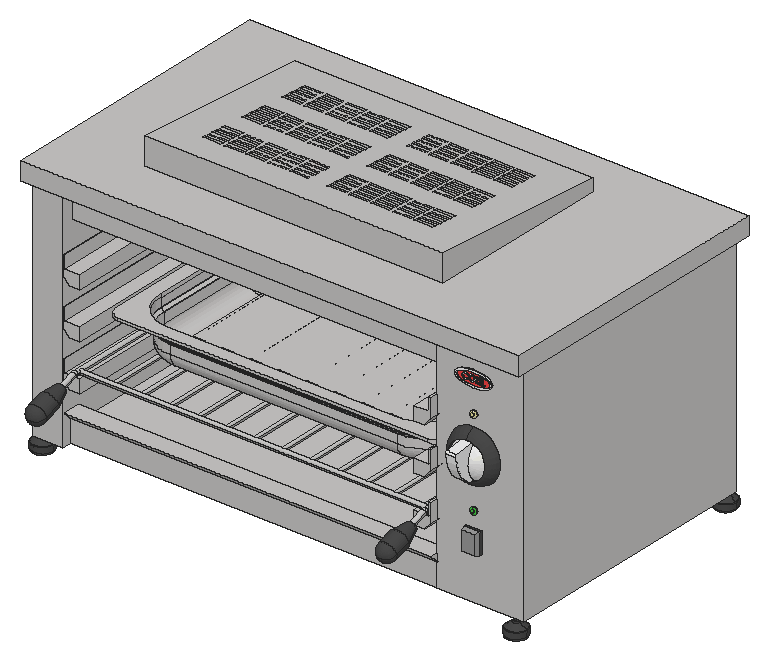
Revit family "QF_COZIL_SLEC-80", category Equipamento especial, Revit 2020 (continued)
Nested families
  nested 6: "PE DE APOIO" at (20, -20, 0), type "PE DE APOIO"
    with Weight 0.00 kg, Watts 0 W, Waste Water Discharge Temperature -273.15 °C, Waste Remarks "", Warranty Start Date "", Warranty Duration "", Volts 0 V, Volt Free Conn yes, Ventilation Remarks "", URL Recommended Spares List "", URL Manufacturer "", URL Cutsheet "", URL Critical Spares List "", Technical Documentation "", Tag Number "", Steam type "", Steam Supply Volume 0.0 m³/h, Steam Supply Size 0 mm, Steam Supply RI Height 0 mm, Steam Supply Minimum Pressure 0.0 Pa, Steam Supply Maximum Pressure 0.0 Pa, Steam Supply Connection Height 0 mm, Steam Remarks "", Steam Pounds per Hour 0, Status "", Start Up Current 0 A, Specification by User "", Specification by Manufacturer "", Sound Level "", Solid Fuel Type "", Show Logo yes, Show Clearances yes, Service Life Duration "", Serial Number "", Sensible Heat Output 0 Btu/h, Seismic Rating "", SMACNA No "", Revision Code "", Revision "", Refrigeration Working Pressure 0.0 Pa, Refrigeration Suction Line Size 0 mm, Refrigeration Liquid Line Size 0 mm, Refrigeration Evaporation Temperature -273.15 °C, Refrigeration Energy Efficiency Index "", Refrigeration Defrost Drain yes, Refrigeration Climate Class "", Refrigerant Type "", Refrigerant Mass 0, Refrigerant Flow 0.0 m³/h, Refrigerant Compressor Remote yes, Production Year "", Preheated Hot Water Temperature Recommended -273.15 °C, Preheated Hot Water Size 0 mm, Preheated Hot Water RI Height 0 mm, Preheated Hot Water Quality "", Preheated Hot Water Minimum Pressure 0.0 Pa, Preheated Hot Water Maximum Pressure 0.0 Pa, Preheated Hot Water Flow 0.0 m³/h, Preheated Hot Water Connection Height 0 mm, Potential Equalisation yes, Point Load 0, Plumbing Remarks "", Plumbing Connection Type "", Phase 0, Other Equipment Approvals "", Operational Current 0 A, Odor Trap Included yes, Number of Poles 1, No Load Power Draw yes, National Water Regulation Certification yes, NAFEM Spec ID Number "", Model Warning "", Min Ckt Ampacity 0 A, Mechanical Remarks "", Mechanical Connection Type "", Max Overcurrent Protection 0 A, Masterspec "", Main switch integrated yes, MU Air Volume 0.0 L/s, MU Air Vent Width 0 mm, MU Air Vent Diameter 0 mm, MU Air Vent Depth 0 mm, MU Air Static Press 0.0 Pa, MU Air Speed at Spigot 0.0 L/s, MU Air RI Height 0 mm, Length Actual 0 mm, Latent Heat Output 0 Btu/h, Item Number "", Installed By "", Installation Date "", Ingress Protection Code "", Indirect Waste Size 0 mm, Indirect Waste Flow 0.0 m³/h, Indirect Waste Connection Type "", Indirect Waste Connection Height 0 mm, Identify Quantity as Lot yes, ID "", Hygiene Approval "", Hot Water Temperature -273.15 °C, Hot Water Supply Temperature -273.15 °C, Hot Water Size 0 mm, Hot Water RI Height 0 mm, Hot Water Quality "", Hot Water Minimum Pressure 0.0 Pa, Hot Water Maximum Pressure 0.0 Pa, Hot Water Flow 0.0 m³/h, Hot Water Consumption "", Hot Water Connection Height 0 mm, Height Actual 0 mm, HP "", Gas Size Flexible 0 mm, Gas Size Fixed 0 mm, Gas Size 0 mm, Gas RI Height 0 mm, Gas Input 0 Btu/h, Gas Flow 0.0 m³/h, Gas Connection Height 0 mm, Furnished By "", Fuel Type "", Foodservice Equipment Identifier yes, Flue Type "", Filtered Treated Water Supply Size 0 mm, Filtered Treated Water Recommended Temperature -273.15 °C, Filtered Treated Water RI Height 0 mm, Filtered Treated Water Quality "", Filtered Treated Water Minimum Pressure 0.0 Pa, Filtered Treated Water Maximum Pressure 0.0 Pa, Filtered Treated Water Flow 0.0 m³/h, Filtered Treated Water Consumption "", Filtered Treated Water Connection Height 0 mm, FL Amps 0 A, Exhaust Volume 0.0 L/s, Exhaust Vent Width 0 mm, Exhaust Vent Height 0 mm, Exhaust Vent Diameter 0 mm, Exhaust Vent Depth 0 mm, Exhaust Static Press 0.0 Pa, Exhaust Speed at Spigot 0.0 L/s, Exhaust RI Height 0 mm, Exhaust Air Temperature -273.15 °C, Exhaust Air Humidity 0, Energy Efficiency Labelling "", Electrical Remarks "", Electric Connection Type "", Elec Conn RI Height 0 mm, Elec Conn Connection Height 0 mm, Earth Leakage Switch necessary yes, Earth Leakage Switch Type "", ETL Approved yes, Direct Waste Size 0 mm, Direct Waste RI Height 0 mm, Direct Waste Flow 0.0 m³/h, Direct Waste Connection Height 0 mm, Direct Heat Output 0 Btu/h, Digital Connectivity Description "", Depth Actual 0 mm, Cycle 0 Hz, Connection to energy optimisation system yes, Conn Plug "", Conn Conduit yes, Condensate Return Size 0 mm, Condensate Return RI Height 0 mm, Condensate Return Connection Height 0 mm, Compressed Air Volume 0.0 m³/h, Compressed Air Size 0 mm, Compressed Air RI Height 0 mm, Compressed Air Quality "", Compressed Air Pressure 0.0 Pa, Compressed Air Connection Height 0 mm, Cold Water Temperature Recommended -273.15 °C, Cold Water Size 0 mm, Cold Water RI Height 0 mm, Cold Water Quality "", Cold Water Minimum Pressure 0.0 Pa, Cold Water Maximum Pressure 0.0 Pa, Cold Water Flow 0.0 m³/h, Cold Water Consumption "", Cold Water Connection Height 0 mm, Chilled Water Temperature -273.15 °C, Chilled Water Supply Size 0 mm, Chilled Water Supply RI Height 0 mm, Chilled Water Supply Quality "", Chilled Water Supply Maximum Temperature -273.15 °C, Chilled Water Supply Connection Height 0 mm, Chilled Water Return Size 0 mm, Chilled Water Return RI Height 0 mm, Chilled Water Return Minimum Pressure 0.0 Pa, Chilled Water Return Maximum Pressure 0.0 Pa, Chilled Water Return Connection Height 0 mm, Chilled Water Minimum Pressure 0.0 Pa, Chilled Water Maximum Pressure 0.0 Pa, Chilled Water Flow 0.0 m³/h, CSI MasterFormat "", CO2 Volume 0.0 m³/h, CO2 Size 0 mm, CO2 RI Height 0 mm, CO2 Pressure 0.0 Pa, CO2 Connection Height 0 mm, CE Approved yes, Barcode "", BTUH 0 Btu/h, Author "", Asset Identifier "", Apparent Power 0 VA, Accessory yes, Ability for Digital Connectivity yes
  nested 7: "PE DE APOIO" at (20, -440, 0), type "PE DE APOIO"
    with Weight 0.00 kg, Watts 0 W, Waste Water Discharge Temperature -273.15 °C, Waste Remarks "", Warranty Start Date "", Warranty Duration "", Volts 0 V, Volt Free Conn yes, Ventilation Remarks "", URL Recommended Spares List "", URL Manufacturer "", URL Cutsheet "", URL Critical Spares List "", Technical Documentation "", Tag Number "", Steam type "", Steam Supply Volume 0.0 m³/h, Steam Supply Size 0 mm, Steam Supply RI Height 0 mm, Steam Supply Minimum Pressure 0.0 Pa, Steam Supply Maximum Pressure 0.0 Pa, Steam Supply Connection Height 0 mm, Steam Remarks "", Steam Pounds per Hour 0, Status "", Start Up Current 0 A, Specification by User "", Specification by Manufacturer "", Sound Level "", Solid Fuel Type "", Show Logo yes, Show Clearances yes, Service Life Duration "", Serial Number "", Sensible Heat Output 0 Btu/h, Seismic Rating "", SMACNA No "", Revision Code "", Revision "", Refrigeration Working Pressure 0.0 Pa, Refrigeration Suction Line Size 0 mm, Refrigeration Liquid Line Size 0 mm, Refrigeration Evaporation Temperature -273.15 °C, Refrigeration Energy Efficiency Index "", Refrigeration Defrost Drain yes, Refrigeration Climate Class "", Refrigerant Type "", Refrigerant Mass 0, Refrigerant Flow 0.0 m³/h, Refrigerant Compressor Remote yes, Production Year "", Preheated Hot Water Temperature Recommended -273.15 °C, Preheated Hot Water Size 0 mm, Preheated Hot Water RI Height 0 mm, Preheated Hot Water Quality "", Preheated Hot Water Minimum Pressure 0.0 Pa, Preheated Hot Water Maximum Pressure 0.0 Pa, Preheated Hot Water Flow 0.0 m³/h, Preheated Hot Water Connection Height 0 mm, Potential Equalisation yes, Point Load 0, Plumbing Remarks "", Plumbing Connection Type "", Phase 0, Other Equipment Approvals "", Operational Current 0 A, Odor Trap Included yes, Number of Poles 1, No Load Power Draw yes, National Water Regulation Certification yes, NAFEM Spec ID Number "", Model Warning "", Min Ckt Ampacity 0 A, Mechanical Remarks "", Mechanical Connection Type "", Max Overcurrent Protection 0 A, Masterspec "", Main switch integrated yes, MU Air Volume 0.0 L/s, MU Air Vent Width 0 mm, MU Air Vent Diameter 0 mm, MU Air Vent Depth 0 mm, MU Air Static Press 0.0 Pa, MU Air Speed at Spigot 0.0 L/s, MU Air RI Height 0 mm, Length Actual 0 mm, Latent Heat Output 0 Btu/h, Item Number "", Installed By "", Installation Date "", Ingress Protection Code "", Indirect Waste Size 0 mm, Indirect Waste Flow 0.0 m³/h, Indirect Waste Connection Type "", Indirect Waste Connection Height 0 mm, Identify Quantity as Lot yes, ID "", Hygiene Approval "", Hot Water Temperature -273.15 °C, Hot Water Supply Temperature -273.15 °C, Hot Water Size 0 mm, Hot Water RI Height 0 mm, Hot Water Quality "", Hot Water Minimum Pressure 0.0 Pa, Hot Water Maximum Pressure 0.0 Pa, Hot Water Flow 0.0 m³/h, Hot Water Consumption "", Hot Water Connection Height 0 mm, Height Actual 0 mm, HP "", Gas Size Flexible 0 mm, Gas Size Fixed 0 mm, Gas Size 0 mm, Gas RI Height 0 mm, Gas Input 0 Btu/h, Gas Flow 0.0 m³/h, Gas Connection Height 0 mm, Furnished By "", Fuel Type "", Foodservice Equipment Identifier yes, Flue Type "", Filtered Treated Water Supply Size 0 mm, Filtered Treated Water Recommended Temperature -273.15 °C, Filtered Treated Water RI Height 0 mm, Filtered Treated Water Quality "", Filtered Treated Water Minimum Pressure 0.0 Pa, Filtered Treated Water Maximum Pressure 0.0 Pa, Filtered Treated Water Flow 0.0 m³/h, Filtered Treated Water Consumption "", Filtered Treated Water Connection Height 0 mm, FL Amps 0 A, Exhaust Volume 0.0 L/s, Exhaust Vent Width 0 mm, Exhaust Vent Height 0 mm, Exhaust Vent Diameter 0 mm, Exhaust Vent Depth 0 mm, Exhaust Static Press 0.0 Pa, Exhaust Speed at Spigot 0.0 L/s, Exhaust RI Height 0 mm, Exhaust Air Temperature -273.15 °C, Exhaust Air Humidity 0, Energy Efficiency Labelling "", Electrical Remarks "", Electric Connection Type "", Elec Conn RI Height 0 mm, Elec Conn Connection Height 0 mm, Earth Leakage Switch necessary yes, Earth Leakage Switch Type "", ETL Approved yes, Direct Waste Size 0 mm, Direct Waste RI Height 0 mm, Direct Waste Flow 0.0 m³/h, Direct Waste Connection Height 0 mm, Direct Heat Output 0 Btu/h, Digital Connectivity Description "", Depth Actual 0 mm, Cycle 0 Hz, Connection to energy optimisation system yes, Conn Plug "", Conn Conduit yes, Condensate Return Size 0 mm, Condensate Return RI Height 0 mm, Condensate Return Connection Height 0 mm, Compressed Air Volume 0.0 m³/h, Compressed Air Size 0 mm, Compressed Air RI Height 0 mm, Compressed Air Quality "", Compressed Air Pressure 0.0 Pa, Compressed Air Connection Height 0 mm, Cold Water Temperature Recommended -273.15 °C, Cold Water Size 0 mm, Cold Water RI Height 0 mm, Cold Water Quality "", Cold Water Minimum Pressure 0.0 Pa, Cold Water Maximum Pressure 0.0 Pa, Cold Water Flow 0.0 m³/h, Cold Water Consumption "", Cold Water Connection Height 0 mm, Chilled Water Temperature -273.15 °C, Chilled Water Supply Size 0 mm, Chilled Water Supply RI Height 0 mm, Chilled Water Supply Quality "", Chilled Water Supply Maximum Temperature -273.15 °C, Chilled Water Supply Connection Height 0 mm, Chilled Water Return Size 0 mm, Chilled Water Return RI Height 0 mm, Chilled Water Return Minimum Pressure 0.0 Pa, Chilled Water Return Maximum Pressure 0.0 Pa, Chilled Water Return Connection Height 0 mm, Chilled Water Minimum Pressure 0.0 Pa, Chilled Water Maximum Pressure 0.0 Pa, Chilled Water Flow 0.0 m³/h, CSI MasterFormat "", CO2 Volume 0.0 m³/h, CO2 Size 0 mm, CO2 RI Height 0 mm, CO2 Pressure 0.0 Pa, CO2 Connection Height 0 mm, CE Approved yes, Barcode "", BTUH 0 Btu/h, Author "", Asset Identifier "", Apparent Power 0 VA, Accessory yes, Ability for Digital Connectivity yes
  nested 8: "Botão Salamandra" at (706, -449, 101) x (0, -1, 0) z (0, 0, 1), type "Botão Fritadeira Digital"
    with Weight 0.00 kg, Watts 0 W, Warranty Start Date "", Warranty Duration "", Volts 0 V, URL Recommended Spares List "", URL Manufacturer "", URL Cutsheet "", URL Critical Spares List "", Technical Documentation "", Tag Number "", Steam type "", Steam Supply Volume 0.0 m³/h, Steam Supply Size 0 mm, Steam Supply Minimum Pressure 0.0 Pa, Steam Supply Maximum Pressure 0.0 Pa, Steam Supply Connection Height 0 mm, Steam Pounds per Hour 0, Status "", Specification by User "", Specification by Manufacturer "", Sound Level "", Solid Fuel Type "", Show Logo yes, Show Clearances yes, Service Life Duration "", Serial Number "", Seismic Rating "", SMACNA No "", Revision Code "", Revision "", Refrigeration Working Pressure 0.0 Pa, Refrigeration Evaporation Temperature -273.15 °C, Refrigeration Energy Efficiency Index "", Refrigeration Defrost Drain yes, Refrigeration Climate Class "", Refrigerant Type "", Refrigerant Mass 0, Refrigerant Flow 0.0 m³/h, Production Year "", Point Load 0, Phase 0, Operational Current 0 A, NAFEM Spec ID Number "", Model Warning "", Masterspec "", Length Actual 0 mm, Item Number "", Installed By "", Installation Date "", Ingress Protection Code "", Identify Quantity as Lot yes, ID "", Hygiene Approval "", Height Actual 0 mm, Gas Size 0 mm, Gas Input 0 Btu/h, Gas Flow GN 0.0 m³/h, Gas Connection Height 0 mm, Furnished By "", Fuel Type "", Foodservice Equipment Identifier yes, Flue Type "", Exhaust Volume 0.0 L/s, Exhaust Vent Width 0 mm, Exhaust Vent Height 0 mm, Exhaust Vent Diameter 0 mm, Exhaust Vent Depth 0 mm, Exhaust Air Temperature -273.15 °C, Elec Conn Connection Height 0 mm, ETL Approved yes, Depth Actual 0 mm, Cycle 0 Hz, CSI MasterFormat "", CE Approved yes, Accessory yes
  nested 9: "Led Amerelo" at (719.5, -449, 295), type "Led Amerelo"
    with Weight 0.00 kg, Watts 0 W, Warranty Start Date "", Warranty Duration "", Volts 0 V, URL Recommended Spares List "", URL Manufacturer "", URL Cutsheet "", URL Critical Spares List "", Technical Documentation "", Tag Number "", Steam type "", Steam Supply Volume 0.0 m³/h, Steam Supply Size 0 mm, Steam Supply Minimum Pressure 0.0 Pa, Steam Supply Maximum Pressure 0.0 Pa, Steam Supply Connection Height 0 mm, Steam Pounds per Hour 0, Status "", Specification by User "", Specification by Manufacturer "", Sound Level "", Solid Fuel Type "", Show Logo yes, Show Clearances yes, Service Life Duration "", Serial Number "", Seismic Rating "", SMACNA No "", Revision Code "", Revision "", Refrigeration Working Pressure 0.0 Pa, Refrigeration Evaporation Temperature -273.15 °C, Refrigeration Energy Efficiency Index "", Refrigeration Defrost Drain yes, Refrigeration Climate Class "", Refrigerant Type "", Refrigerant Mass 0, Refrigerant Flow 0.0 m³/h, Production Year "", Point Load 0, Phase 0, Operational Current 0 A, NAFEM Spec ID Number "", Model Warning "", Masterspec "", Length Actual 0 mm, Item Number "", Installed By "", Installation Date "", Ingress Protection Code "", Identify Quantity as Lot yes, ID "", Hygiene Approval "", Height Actual 0 mm, Gas Size 0 mm, Gas Input 0 Btu/h, Gas Flow GN 0.0 m³/h, Gas Connection Height 0 mm, Furnished By "", Fuel Type "", Foodservice Equipment Identifier yes, Flue Type "", Exhaust Volume 0.0 L/s, Exhaust Vent Width 0 mm, Exhaust Vent Height 0 mm, Exhaust Vent Diameter 0 mm, Exhaust Vent Depth 0 mm, Exhaust Air Temperature -273.15 °C, Elec Conn Connection Height 0 mm, ETL Approved yes, Depth Actual 0 mm, Cycle 0 Hz, CSI MasterFormat "", CE Approved yes, Accessory yes
  nested 10: "Led Verde" at (719.5, -449, 156.2), type "Led Verde"
    with Weight 0.00 kg, Watts 0 W, Warranty Start Date "", Warranty Duration "", Volts 0 V, URL Recommended Spares List "", URL Manufacturer "", URL Cutsheet "", URL Critical Spares List "", Technical Documentation "", Tag Number "", Steam type "", Steam Supply Volume 0.0 m³/h, Steam Supply Size 0 mm, Steam Supply Minimum Pressure 0.0 Pa, Steam Supply Maximum Pressure 0.0 Pa, Steam Supply Connection Height 0 mm, Steam Pounds per Hour 0, Status "", Specification by User "", Specification by Manufacturer "", Sound Level "", Solid Fuel Type "", Show Logo yes, Show Clearances yes, Service Life Duration "", Serial Number "", Seismic Rating "", SMACNA No "", Revision Code "", Revision "", Refrigeration Working Pressure 0.0 Pa, Refrigeration Evaporation Temperature -273.15 °C, Refrigeration Energy Efficiency Index "", Refrigeration Defrost Drain yes, Refrigeration Climate Class "", Refrigerant Type "", Refrigerant Mass 0, Refrigerant Flow 0.0 m³/h, Production Year "", Point Load 0, Phase 0, Operational Current 0 A, NAFEM Spec ID Number "", Model Warning "", Masterspec "", Length Actual 0 mm, Item Number "", Installed By "", Installation Date "", Ingress Protection Code "", Identify Quantity as Lot yes, ID "", Hygiene Approval "", Height Actual 0 mm, Gas Size 0 mm, Gas Input 0 Btu/h, Gas Flow GN 0.0 m³/h, Gas Connection Height 0 mm, Furnished By "", Fuel Type "", Foodservice Equipment Identifier yes, Flue Type "", Exhaust Volume 0.0 L/s, Exhaust Vent Width 0 mm, Exhaust Vent Height 0 mm, Exhaust Vent Diameter 0 mm, Exhaust Vent Depth 0 mm, Exhaust Air Temperature -273.15 °C, Elec Conn Connection Height 0 mm, ETL Approved yes, Depth Actual 0 mm, Cycle 0 Hz, CSI MasterFormat "", CE Approved yes, Accessory yes
  nested 11: "LOGOTIPO COZIL MENOR" at (719.5, -449, 351), visible <- "Show Logo", type "LOGOTIPO COZIL MENOR"
    with Weight 0.00 kg, Watts 0 W, Waste Water Discharge Temperature -273.15 °C, Waste Remarks "", Warranty Start Date "", Warranty Duration "", Volts 0 V, Volt Free Conn yes, Ventilation Remarks "", URL Recommended Spares List "", URL Manufacturer "", URL Cutsheet "", URL Critical Spares List "", Technical Documentation "", Tag Number "", Steam type "", Steam Supply Volume 0.0 m³/h, Steam Supply Size 0 mm, Steam Supply RI Height 0 mm, Steam Supply Minimum Pressure 0.0 Pa, Steam Supply Maximum Pressure 0.0 Pa, Steam Supply Connection Height 0 mm, Steam Remarks "", Steam Pounds per Hour 0, Status "", Start Up Current 0 A, Specification by User "", Specification by Manufacturer "", Sound Level "", Solid Fuel Type "", Show Logo yes, Show Clearances yes, Service Life Duration "", Serial Number "", Sensible Heat Output 0 Btu/h, Seismic Rating "", SMACNA No "", Revision Code "", Revision "", Refrigeration Working Pressure 0.0 Pa, Refrigeration Suction Line Size 0 mm, Refrigeration Liquid Line Size 0 mm, Refrigeration Evaporation Temperature -273.15 °C, Refrigeration Energy Efficiency Index "", Refrigeration Defrost Drain yes, Refrigeration Climate Class "", Refrigerant Type "", Refrigerant Mass 0, Refrigerant Flow 0.0 m³/h, Refrigerant Compressor Remote yes, Production Year "", Preheated Hot Water Temperature Recommended -273.15 °C, Preheated Hot Water Size 0 mm, Preheated Hot Water RI Height 0 mm, Preheated Hot Water Quality "", Preheated Hot Water Minimum Pressure 0.0 Pa, Preheated Hot Water Maximum Pressure 0.0 Pa, Preheated Hot Water Flow 0.0 m³/h, Preheated Hot Water Connection Height 0 mm, Potential Equalisation yes, Point Load 0, Plumbing Remarks "", Plumbing Connection Type "", Phase 0, Other Equipment Approvals "", Operational Current 0 A, Odor Trap Included yes, Number of Poles 1, No Load Power Draw yes, National Water Regulation Certification yes, NAFEM Spec ID Number "", Model Warning "", Min Ckt Ampacity 0 A, Mechanical Remarks "", Mechanical Connection Type "", Max Overcurrent Protection 0 A, Masterspec "", Main switch integrated yes, MU Air Volume 0.0 L/s, MU Air Vent Width 0 mm, MU Air Vent Diameter 0 mm, MU Air Vent Depth 0 mm, MU Air Static Press 0.0 Pa, MU Air Speed at Spigot 0.0 L/s, MU Air RI Height 0 mm, Length Actual 0 mm, Latent Heat Output 0 Btu/h, Item Number "", Installed By "", Installation Date "", Ingress Protection Code "", Indirect Waste Size 0 mm, Indirect Waste Flow 0.0 m³/h, Indirect Waste Connection Type "", Indirect Waste Connection Height 0 mm, Identify Quantity as Lot yes, ID "", Hygiene Approval "", Hot Water Temperature -273.15 °C, Hot Water Supply Temperature -273.15 °C, Hot Water Size 0 mm, Hot Water RI Height 0 mm, Hot Water Quality "", Hot Water Minimum Pressure 0.0 Pa, Hot Water Maximum Pressure 0.0 Pa, Hot Water Flow 0.0 m³/h, Hot Water Consumption "", Hot Water Connection Height 0 mm, Height Actual 0 mm, HP "", Gas Size Flexible 0 mm, Gas Size Fixed 0 mm, Gas Size 0 mm, Gas RI Height 0 mm, Gas Input 0 Btu/h, Gas Flow 0.0 m³/h, Gas Connection Height 0 mm, Furnished By "", Fuel Type "", Foodservice Equipment Identifier yes, Flue Type "", Filtered Treated Water Supply Size 0 mm, Filtered Treated Water Recommended Temperature -273.15 °C, Filtered Treated Water RI Height 0 mm, Filtered Treated Water Quality "", Filtered Treated Water Minimum Pressure 0.0 Pa, Filtered Treated Water Maximum Pressure 0.0 Pa, Filtered Treated Water Flow 0.0 m³/h, Filtered Treated Water Consumption "", Filtered Treated Water Connection Height 0 mm, FL Amps 0 A, Exhaust Volume 0.0 L/s, Exhaust Vent Width 0 mm, Exhaust Vent Height 0 mm, Exhaust Vent Diameter 0 mm, Exhaust Vent Depth 0 mm, Exhaust Static Press 0.0 Pa, Exhaust Speed at Spigot 0.0 L/s, Exhaust RI Height 0 mm, Exhaust Air Temperature -273.15 °C, Exhaust Air Humidity 0, Energy Efficiency Labelling "", Electrical Remarks "", Electric Connection Type "", Elec Conn RI Height 0 mm, Elec Conn Connection Height 0 mm, Earth Leakage Switch necessary yes, Earth Leakage Switch Type "", ETL Approved yes, Direct Waste Size 0 mm, Direct Waste RI Height 0 mm, Direct Waste Flow 0.0 m³/h, Direct Waste Connection Height 0 mm, Direct Heat Output 0 Btu/h, Digital Connectivity Description "", Depth Actual 0 mm, Cycle 0 Hz, Connection to energy optimisation system yes, Conn Plug "", Conn Conduit yes, Condensate Return Size 0 mm, Condensate Return RI Height 0 mm, Condensate Return Connection Height 0 mm, Compressed Air Volume 0.0 m³/h, Compressed Air Size 0 mm, Compressed Air RI Height 0 mm, Compressed Air Quality "", Compressed Air Pressure 0.0 Pa, Compressed Air Connection Height 0 mm, Cold Water Temperature Recommended -273.15 °C, Cold Water Size 0 mm, Cold Water RI Height 0 mm, Cold Water Quality "", Cold Water Minimum Pressure 0.0 Pa, Cold Water Maximum Pressure 0.0 Pa, Cold Water Flow 0.0 m³/h, Cold Water Consumption "", Cold Water Connection Height 0 mm, Chilled Water Temperature -273.15 °C, Chilled Water Supply Size 0 mm, Chilled Water Supply RI Height 0 mm, Chilled Water Supply Quality "", Chilled Water Supply Maximum Temperature -273.15 °C, Chilled Water Supply Connection Height 0 mm, Chilled Water Return Size 0 mm, Chilled Water Return RI Height 0 mm, Chilled Water Return Minimum Pressure 0.0 Pa, Chilled Water Return Maximum Pressure 0.0 Pa, Chilled Water Return Connection Height 0 mm, Chilled Water Minimum Pressure 0.0 Pa, Chilled Water Maximum Pressure 0.0 Pa, Chilled Water Flow 0.0 m³/h, CSI MasterFormat "", CO2 Volume 0.0 m³/h, CO2 Size 0 mm, CO2 RI Height 0 mm, CO2 Pressure 0.0 Pa, CO2 Connection Height 0 mm, CE Approved yes, Barcode "", BTUH 0 Btu/h, Author "", Asset Identifier "", Apparent Power 0 VA, Accessory yes, Ability for Digital Connectivity yes
Connectors
  electrical at (734, -4.65, 89.2), driven by "Volts"
    settings: on Extrusion 10, index 1, voltage 220 V, apparent load 0 VA, apparent load phase1 0 VA, apparent load phase2 0 VA, apparent load phase3 0 VA, power factor 1, load classification "Outro", number of poles 1, system type 31, power factor state 1, is connector primary yes, connector utility no, sub classification motor no, connector description ""
Definition of nested family "GRELHA SALAMANDRA"
  Parameters (values of type "GRELHA SALAMANDRA")
    Default Elevation = 0 mm
  Reference planes
    plane 1 "Center (Front/Back)": y = 0
    plane 2: z = 0
    plane 3 "Center (Left/Right)": x = 0
    plane 4: x = 268.5
    plane 5: y = 174
  Forms (mm)
    Sweep 1, solid
      path origin (0, 0, 0) x (0, 1, 0) y (0, 0, 1)
        loop
          line (-37.821, -13.023) -> (-1.622, -0.558)
          arc (-1.622, -0.558) -> (0.024, -0.141) -> (1.715, 0) r 10.251
          line (1.715, 0) -> (348, 0)
      profile origin (0, 174.858, 0) x (0, 0, 1) y (1, 0, 0)
        loop
          circle (0, 0) r 4
    Sweep 2, solid
      path origin (562, 0, 0) x (0, 1, 0) y (0, 0, -1)
        loop
          line (-37.821, 13.023) -> (-1.622, 0.558)
          arc (-1.622, 0.558) -> (0.024, 0.141) -> (1.715, 0) r 10.251
          line (1.715, 0) -> (348, 0)
      profile origin (562, 174.858, 0) x (0, 0, -1) y (-1, 0, 0)
        loop
          circle (0, 0) r 4
    Extrusion 3, solid
      sketch origin (0, 0, 0) x (0, 1, 0) y (0, 0, 1)
        loop
          circle (10, 0) r 3.5
        loop
          circle (174, 0) r 3.5
      from -1.019 to 563.184
    Extrusion 4, solid
      sketch origin (10, 0, 0) x (1, 0, 0) y (0, 0, 1)
        loop
          circle (45, 0) r 3.2
        loop
          circle (90, 0) r 3.2
        loop
          circle (135, 0) r 3.2
        loop
          circle (180, 0) r 3.2
        loop
          circle (225, 0) r 3.2
        loop
          circle (270, 0) r 3.2
        loop
          circle (315, 0) r 3.2
        loop
          circle (360, 0) r 3.2
        loop
          circle (405, 0) r 3.2
        loop
          circle (450, 0) r 3.2
        loop
          circle (495, 0) r 3.2
      from -9.148 to -348
  Cuts and joins
    joined: Sweep 1, Sweep 2, Extrusion 3, Extrusion 4
  Dimensions and locks
    aligned and locked: level to plane 2
  Nested families
    nested 1: "PUXADOR_GRELHA_SAL" at (0, -26.191, -9.99) x (1, 0, 0) z (0, -0.9563, -0.2924), type "PUXADOR_GRELHA_SAL"
    nested 2: "PUXADOR_GRELHA_SAL" at (562, -26.191, -9.99) x (-1, 0, 0) z (0, -0.9563, -0.2924), type "PUXADOR_GRELHA_SAL"
  Definition of nested family "PUXADOR_GRELHA_SAL"
    Parameters (values of type "PUXADOR_GRELHA_SAL")
      Default Elevation = 0 mm
    Reference planes
      plane 1 "Center (Front/Back)": y = 0
      plane 2: z = 0
      plane 3 "Center (Left/Right)": x = 0
    Forms (mm)
      Revolve 1, solid
        sketch origin (0, 0, 0) x (1, 0, 0) y (0, 0, 1)
          loop
            arc (15, 50) -> (10.607, 60.607) -> (0, 65) r 15
            line (0, 65) -> (0, 0) -> (8, 0) -> (15, 25) -> (15, 50)
          axis (0, 65) -> (0, 0)
        angle from 0 to 360
    Dimensions and locks
      aligned and locked: level to plane 2
Definition of nested family "GN 1-1-65"
  Parameters (values of type "CUBA BANHO MARIA")
    Default Elevation = 0 mm
  Reference planes
    plane 1 "Center (Front/Back)": y = 0
    plane 2: z = 0
    plane 3 "Center (Left/Right)": x = 0
    plane 4: z = 39.847
    plane 5: x = -140
    plane 6: x = 140
    plane 7: x = -162.5
    plane 8: x = 162.5
    plane 9: z = 44.847
    plane 10: y = 265
    plane 11: y = 240
    plane 12: y = -265
    plane 13: y = -240
    plane 14: z = -25.153
  Forms (mm)
    Sweep 1, solid
      path origin (0, 0, 0) x (1, 0, 0) y (0, 1, 0)
        loop
          line (140, -182) -> (140, 182)
          arc (140, 182) -> (123.012, 223.012) -> (82, 240) r 58
          line (82, 240) -> (-82, 240)
          arc (-82, 240) -> (-123.012, 223.012) -> (-140, 182) r 58
          line (-140, 182) -> (-140, -182)
          arc (-140, -182) -> (-123.012, -223.012) -> (-82, -240) r 58
          line (-82, -240) -> (82, -240)
          arc (82, -240) -> (123.012, -223.012) -> (140, -182) r 58
      profile origin (140, 0, 0) x (-1, 0, 0) y (0, 0, 1)
        loop
          arc (0, -1.153) -> (7.029, -18.124) -> (24, -25.153) r 24
          line (24, -25.153) -> (24, -24.147)
          arc (24, -24.147) -> (7.768, -17.739) -> (1, -1.653) r 22.5
          line (1, -1.653) -> (1, 14.847)
          arc (1, 14.847) -> (0.924, 15.23) -> (0.707, 15.554) r 1
          line (0.707, 15.554) -> (-3.707, 19.968)
          arc (-3.707, 19.968) -> (-3.924, 20.293) -> (-4, 20.675) r 1
          line (-4, 20.675) -> (-4, 34.847) -> (-5, 34.847) -> (-5, 20.261)
          arc (-5, 20.261) -> (-4.924, 19.878) -> (-4.707, 19.554) r 1
          line (-4.707, 19.554) -> (-0.293, 15.14)
          arc (-0.293, 15.14) -> (-0.076, 14.815) -> (0, 14.433) r 1
          line (0, 14.433) -> (0, -1.153)
    Extrusion 2, solid
      sketch origin (0, 0, 0) x (1, 0, 0) y (0, 1, 0)
        loop
          line (-145.5, -265) -> (145.5, -265)
          arc (145.5, -265) -> (157.521, -260.021) -> (162.5, -248) r 17
          line (162.5, -248) -> (162.5, 248)
          arc (162.5, 248) -> (157.521, 260.021) -> (145.5, 265) r 17
          line (145.5, 265) -> (-145.5, 265)
          arc (-145.5, 265) -> (-157.521, 260.021) -> (-162.5, 248) r 17
          line (-162.5, 248) -> (-162.5, -248)
          arc (-162.5, -248) -> (-157.521, -260.021) -> (-145.5, -265) r 17
        loop
          line (82.3, 244) -> (-82.3, 244)
          arc (-82.3, 244) -> (-125.928, 225.928) -> (-144, 182.3) r 61.7
          line (-144, 182.3) -> (-144, -182)
          arc (-144, -182) -> (-125.841, -225.841) -> (-82, -244) r 62
          line (-82, -244) -> (82.3, -244)
          arc (82.3, -244) -> (125.928, -225.928) -> (144, -182.3) r 61.7
          line (144, -182.3) -> (144, 182.3)
          arc (144, 182.3) -> (125.928, 225.928) -> (82.3, 244) r 61.7
      from 34.847 to 39.847
    Extrusion 3, solid
      sketch origin (0, 0, 0) x (1, 0, 0) y (0, 1, 0)
        loop
          arc (116, 182) -> (106.042, 206.042) -> (82, 216) r 34
          line (82, 216) -> (-82, 216)
          arc (-82, 216) -> (-106.042, 206.042) -> (-116, 182) r 34
          line (-116, 182) -> (-116, -182)
          arc (-116, -182) -> (-106.042, -206.042) -> (-82, -216) r 34
          line (-82, -216) -> (82, -216)
          arc (82, -216) -> (106.042, -206.042) -> (116, -182) r 34
          line (116, -182) -> (116, 182)
      from -25.153 to -24.147
  Cuts and joins
    joined: Sweep 1, Extrusion 3
  Dimensions and locks
    plane 7 to plane 5 = 22.5 mm
    plane 14 to level = 25.153 mm
    plane 14 to plane 4 = 65 mm
    plane 9 to plane 14 = 70 mm
    locked: plane 9 to plane 4 at 5
    plane 13 to plane 1 "Center (Front/Back)" to plane 11 = 240 mm, 240 mm
    plane 5 to plane 3 "Center (Left/Right)" to plane 6 = 140 mm, 140 mm
    plane 12 to plane 1 "Center (Front/Back)" to plane 10 = 265 mm, 265 mm
    plane 7 to plane 3 "Center (Left/Right)" to plane 8 = 162.5 mm, 162.5 mm
    locked: Extrusion 2 to plane 4 at 5
    aligned and locked: level to plane 2
    aligned and locked: plane 8 to Extrusion 2
    aligned and locked: Extrusion 2 to plane 7
    aligned and locked: Sweep 1 sketch curve to plane 6
    aligned and locked: Sweep 1 sketch curve to plane 5
    aligned and locked: plane 12 to Extrusion 2 sketch curve
    aligned and locked: Extrusion 2 sketch curve to plane 10
    aligned and locked: Extrusion 2 sketch curve to Sweep 1  (x2)
    aligned and locked: Extrusion 3 to Sweep 1  (x2)
    aligned and locked: plane 4 to Extrusion 2
Definition of nested family "Botão Fogão"
  Parameters (values of type "Botão Fogão")
    Weight [instance] = 0.00 kg
    Watts [instance] = 0 W
    Waste Water Discharge Temperature [instance] = -273.15 °C
    Waste Remarks [instance] = ""
    Warranty Start Date [instance] = ""
    Warranty Duration [instance] = ""
    Volts [instance] = 0 V
    Volt Free Conn [instance] = yes
    Ventilation Remarks [instance] = ""
    URL Recommended Spares List [instance] = ""
    URL Manufacturer [instance] = ""
    URL Cutsheet [instance] = ""
    URL Critical Spares List [instance] = ""
    Default Elevation = 0 mm
    Type Comments = "USA_IFSE_SharedParameters_Dummy_V07_21"
    Technical Documentation [instance] = ""
    Tag Number [instance] = ""
    Steam type [instance] = ""
    Steam Supply Volume [instance] = 0.0 m³/h
    Steam Supply Size [instance] = 0 mm
    Steam Supply RI Height [instance] = 0 mm
    Steam Supply Minimum Pressure [instance] = 0.0 Pa
    Steam Supply Maximum Pressure [instance] = 0.0 Pa
    Steam Supply Connection Height [instance] = 0 mm
    Steam Remarks [instance] = ""
    Steam Pounds per Hour [instance] = 0
    Status [instance] = ""
    Start Up Current [instance] = 0 A
    Specification by User [instance] = ""
    Specification by Manufacturer [instance] = ""
    Sound Level [instance] = ""
    Solid Fuel Type [instance] = ""
    Show Logo [instance] = yes
    Show Clearances [instance] = yes
    Service Life Duration [instance] = ""
    Serial Number [instance] = ""
    Sensible Heat Output [instance] = 0 Btu/h
    Seismic Rating [instance] = ""
    SMACNA No [instance] = ""
    Revision Code [instance] = ""
    Revision [instance] = ""
    Refrigeration Working Pressure [instance] = 0.0 Pa
    Refrigeration Suction Line Size [instance] = 0 mm
    Refrigeration Liquid Line Size [instance] = 0 mm
    Refrigeration Evaporation Temperature [instance] = -273.15 °C
    Refrigeration Energy Efficiency Index [instance] = ""
    Refrigeration Defrost Drain [instance] = yes
    Refrigeration Climate Class [instance] = ""
    Refrigerant Type [instance] = ""
    Refrigerant Mass [instance] = 0
    Refrigerant Flow [instance] = 0.0 m³/h
    Refrigerant Compressor Remote [instance] = yes
    Production Year [instance] = ""
    Preheated Hot Water Temperature Recommended [instance] = -273.15 °C
    Preheated Hot Water Size [instance] = 0 mm
    Preheated Hot Water RI Height [instance] = 0 mm
    Preheated Hot Water Quality [instance] = ""
    Preheated Hot Water Minimum Pressure [instance] = 0.0 Pa
    Preheated Hot Water Maximum Pressure [instance] = 0.0 Pa
    Preheated Hot Water Flow [instance] = 0.0 m³/h
    Preheated Hot Water Connection Height [instance] = 0 mm
    Potential Equalisation [instance] = yes
    Point Load [instance] = 0
    Plumbing Remarks [instance] = ""
    Plumbing Connection Type [instance] = ""
    Phase [instance] = 0
    Other Equipment Approvals [instance] = ""
    Operational Current [instance] = 0 A
    Odor Trap Included [instance] = yes
    Number of Poles [instance] = 1
    No Load Power Draw [instance] = yes
    National Water Regulation Certification [instance] = yes
    NAFEM Spec ID Number [instance] = ""
    Model Warning [instance] = ""
    Min Ckt Ampacity [instance] = 0 A
    Mechanical Remarks [instance] = ""
    Mechanical Connection Type [instance] = ""
    Max Overcurrent Protection [instance] = 0 A
    Masterspec [instance] = ""
    Main switch integrated [instance] = yes
    MU Air Volume [instance] = 0.0 L/s
    MU Air Vent Width [instance] = 0 mm
    MU Air Vent Diameter [instance] = 0 mm
    MU Air Vent Depth [instance] = 0 mm
    MU Air Static Press [instance] = 0.0 Pa
    MU Air Speed at Spigot [instance] = 0.0 L/s
    MU Air RI Height [instance] = 0 mm
    Length Actual [instance] = 0 mm
    Latent Heat Output [instance] = 0 Btu/h
    Item Number [instance] = ""
    Installed By [instance] = ""
    Installation Date [instance] = ""
    Ingress Protection Code [instance] = ""
    Indirect Waste Size [instance] = 0 mm
    Indirect Waste Flow [instance] = 0.0 m³/h
    Indirect Waste Connection Type [instance] = ""
    Indirect Waste Connection Height [instance] = 0 mm
    Identify Quantity as Lot [instance] = yes
    ID [instance] = ""
    Hygiene Approval [instance] = ""
    Hot Water Temperature [instance] = -273.15 °C
    Hot Water Supply Temperature [instance] = -273.15 °C
    Hot Water Size [instance] = 0 mm
    Hot Water RI Height [instance] = 0 mm
    Hot Water Quality [instance] = ""
    Hot Water Minimum Pressure [instance] = 0.0 Pa
    Hot Water Maximum Pressure [instance] = 0.0 Pa
    Hot Water Flow [instance] = 0.0 m³/h
    Hot Water Consumption [instance] = ""
    Hot Water Connection Height [instance] = 0 mm
    Height Actual [instance] = 0 mm
    HP [instance] = ""
    Gas Size Flexible [instance] = 0 mm
    Gas Size Fixed [instance] = 0 mm
    Gas Size [instance] = 0 mm
    Gas RI Height [instance] = 0 mm
    Gas Input [instance] = 0 Btu/h
    Gas Flow [instance] = 0.0 m³/h
    Gas Connection Height [instance] = 0 mm
    Furnished By [instance] = ""
    Fuel Type [instance] = ""
    Foodservice Equipment Identifier [instance] = yes
    Flue Type [instance] = ""
    Filtered Treated Water Supply Size [instance] = 0 mm
    Filtered Treated Water Recommended Temperature [instance] = -273.15 °C
    Filtered Treated Water RI Height [instance] = 0 mm
    Filtered Treated Water Quality [instance] = ""
    Filtered Treated Water Minimum Pressure [instance] = 0.0 Pa
    Filtered Treated Water Maximum Pressure [instance] = 0.0 Pa
    Filtered Treated Water Flow [instance] = 0.0 m³/h
    Filtered Treated Water Consumption [instance] = ""
    Filtered Treated Water Connection Height [instance] = 0 mm
    FL Amps [instance] = 0 A
    Exhaust Volume [instance] = 0.0 L/s
    Exhaust Vent Width [instance] = 0 mm
    Exhaust Vent Height [instance] = 0 mm
    Exhaust Vent Diameter [instance] = 0 mm
    Exhaust Vent Depth [instance] = 0 mm
    Exhaust Static Press [instance] = 0.0 Pa
    Exhaust Speed at Spigot [instance] = 0.0 L/s
    Exhaust RI Height [instance] = 0 mm
    Exhaust Air Temperature [instance] = -273.15 °C
    Exhaust Air Humidity [instance] = 0
    Energy Efficiency Labelling [instance] = ""
    Electrical Remarks [instance] = ""
    Electric Connection Type [instance] = ""
    Elec Conn RI Height [instance] = 0 mm
    Elec Conn Connection Height [instance] = 0 mm
    Earth Leakage Switch necessary [instance] = yes
    Earth Leakage Switch Type [instance] = ""
    ETL Approved [instance] = yes
    Direct Waste Size [instance] = 0 mm
    Direct Waste RI Height [instance] = 0 mm
    Direct Waste Flow [instance] = 0.0 m³/h
    Direct Waste Connection Height [instance] = 0 mm
    Direct Heat Output [instance] = 0 Btu/h
    Digital Connectivity Description [instance] = ""
    Depth Actual [instance] = 0 mm
    Cycle [instance] = 0 Hz
    Connection to energy optimisation system [instance] = yes
    Conn Plug [instance] = ""
    Conn Conduit [instance] = yes
    Condensate Return Size [instance] = 0 mm
    Condensate Return RI Height [instance] = 0 mm
    Condensate Return Connection Height [instance] = 0 mm
    Compressed Air Volume [instance] = 0.0 m³/h
    Compressed Air Size [instance] = 0 mm
    Compressed Air RI Height [instance] = 0 mm
    Compressed Air Quality [instance] = ""
    Compressed Air Pressure [instance] = 0.0 Pa
    Compressed Air Connection Height [instance] = 0 mm
    Cold Water Temperature Recommended [instance] = -273.15 °C
    Cold Water Size [instance] = 0 mm
    Cold Water RI Height [instance] = 0 mm
    Cold Water Quality [instance] = ""
    Cold Water Minimum Pressure [instance] = 0.0 Pa
    Cold Water Maximum Pressure [instance] = 0.0 Pa
    Cold Water Flow [instance] = 0.0 m³/h
    Cold Water Consumption [instance] = ""
    Cold Water Connection Height [instance] = 0 mm
    Chilled Water Temperature [instance] = -273.15 °C
    Chilled Water Supply Size [instance] = 0 mm
    Chilled Water Supply RI Height [instance] = 0 mm
    Chilled Water Supply Quality [instance] = ""
    Chilled Water Supply Maximum Temperature [instance] = -273.15 °C
    Chilled Water Supply Connection Height [instance] = 0 mm
    Chilled Water Return Size [instance] = 0 mm
    Chilled Water Return RI Height [instance] = 0 mm
    Chilled Water Return Minimum Pressure [instance] = 0.0 Pa
    Chilled Water Return Maximum Pressure [instance] = 0.0 Pa
    Chilled Water Return Connection Height [instance] = 0 mm
    Chilled Water Minimum Pressure [instance] = 0.0 Pa
    Chilled Water Maximum Pressure [instance] = 0.0 Pa
    Chilled Water Flow [instance] = 0.0 m³/h
    CSI MasterFormat [instance] = ""
    CO2 Volume [instance] = 0.0 m³/h
    CO2 Size [instance] = 0 mm
    CO2 RI Height [instance] = 0 mm
    CO2 Pressure [instance] = 0.0 Pa
    CO2 Connection Height [instance] = 0 mm
    CE Approved [instance] = yes
    Barcode [instance] = ""
    BTUH [instance] = 0 Btu/h
    Author [instance] = ""
    Asset Identifier [instance] = ""
    Apparent Power [instance] = 0 VA
    Accessory [instance] = yes
    Ability for Digital Connectivity [instance] = yes
  Reference planes
    plane 1 "Centro (Frontal/Traseira)": y = 0
    plane 2: z = 0
    plane 3 "Centro (Esquerda/Direita)": x = 0
  Forms (mm)
    Revolve 1, solid
      sketch origin (0, 0, 41.459) x (0, 0, -1) y (0, -1, 0)
        loop
          line (0, 0) -> (41.459, 0)
          arc (41.459, 0) -> (36.874, 8.702) -> (29.315, 14.997) r 25.29
          line (29.315, 14.997) -> (29.315, 10.32)
          arc (29.315, 10.32) -> (16.152, 20.644) -> (0, 25) r 41.931
          line (0, 25) -> (0, 0)
        axis (0, 25) -> (0, 0)
      angle from 0 to 360
    Extrusion 2, solid
      sketch origin (0, 0, 41.459) x (0, 0, -1) y (0, -1, 0)
        loop
          line (27.004, 10.32) -> (27.004, 17.328)
          arc (27.004, 17.328) -> (26.239, 21.608) -> (24.04, 25.36) r 12.364
          arc (24.04, 25.36) -> (4.069, 40.977) -> (-20.408, 47.581) r 63.784
          arc (-20.408, 47.581) -> (-22.455, 46.908) -> (-23.471, 45.007) r 2.897
          line (-23.471, 45.007) -> (-27.286, 10.32) -> (27.004, 10.32)
      from -8 to 8
  Cuts and joins
    joined: Revolve 1, Extrusion 2
  Dimensions and locks
    aligned and locked: level to plane 2
Definition of nested family "PE DE APOIO"
  Parameters (values of type "PE DE APOIO")
    Weight [instance] = 0.00 kg
    Watts [instance] = 0 W
    Waste Water Discharge Temperature [instance] = -273.15 °C
    Waste Remarks [instance] = ""
    Warranty Start Date [instance] = ""
    Warranty Duration [instance] = ""
    Volts [instance] = 0 V
    Volt Free Conn [instance] = yes
    Ventilation Remarks [instance] = ""
    URL Recommended Spares List [instance] = ""
    URL Manufacturer [instance] = ""
    URL Cutsheet [instance] = ""
    URL Critical Spares List [instance] = ""
    Default Elevation = 0 mm
    Type Comments = "USA_IFSE_SharedParameters_Dummy_V07_21"
    Technical Documentation [instance] = ""
    Tag Number [instance] = ""
    Steam type [instance] = ""
    Steam Supply Volume [instance] = 0.0 m³/h
    Steam Supply Size [instance] = 0 mm
    Steam Supply RI Height [instance] = 0 mm
    Steam Supply Minimum Pressure [instance] = 0.0 Pa
    Steam Supply Maximum Pressure [instance] = 0.0 Pa
    Steam Supply Connection Height [instance] = 0 mm
    Steam Remarks [instance] = ""
    Steam Pounds per Hour [instance] = 0
    Status [instance] = ""
    Start Up Current [instance] = 0 A
    Specification by User [instance] = ""
    Specification by Manufacturer [instance] = ""
    Sound Level [instance] = ""
    Solid Fuel Type [instance] = ""
    Show Logo [instance] = yes
    Show Clearances [instance] = yes
    Service Life Duration [instance] = ""
    Serial Number [instance] = ""
    Sensible Heat Output [instance] = 0 Btu/h
    Seismic Rating [instance] = ""
    SMACNA No [instance] = ""
    Revision Code [instance] = ""
    Revision [instance] = ""
    Refrigeration Working Pressure [instance] = 0.0 Pa
    Refrigeration Suction Line Size [instance] = 0 mm
    Refrigeration Liquid Line Size [instance] = 0 mm
    Refrigeration Evaporation Temperature [instance] = -273.15 °C
    Refrigeration Energy Efficiency Index [instance] = ""
    Refrigeration Defrost Drain [instance] = yes
    Refrigeration Climate Class [instance] = ""
    Refrigerant Type [instance] = ""
    Refrigerant Mass [instance] = 0
    Refrigerant Flow [instance] = 0.0 m³/h
    Refrigerant Compressor Remote [instance] = yes
    Production Year [instance] = ""
    Preheated Hot Water Temperature Recommended [instance] = -273.15 °C
    Preheated Hot Water Size [instance] = 0 mm
    Preheated Hot Water RI Height [instance] = 0 mm
    Preheated Hot Water Quality [instance] = ""
    Preheated Hot Water Minimum Pressure [instance] = 0.0 Pa
    Preheated Hot Water Maximum Pressure [instance] = 0.0 Pa
    Preheated Hot Water Flow [instance] = 0.0 m³/h
    Preheated Hot Water Connection Height [instance] = 0 mm
    Potential Equalisation [instance] = yes
    Point Load [instance] = 0
    Plumbing Remarks [instance] = ""
    Plumbing Connection Type [instance] = ""
    Phase [instance] = 0
    Other Equipment Approvals [instance] = ""
    Operational Current [instance] = 0 A
    Odor Trap Included [instance] = yes
    Number of Poles [instance] = 1
    No Load Power Draw [instance] = yes
    National Water Regulation Certification [instance] = yes
    NAFEM Spec ID Number [instance] = ""
    Model Warning [instance] = ""
    Min Ckt Ampacity [instance] = 0 A
    Mechanical Remarks [instance] = ""
    Mechanical Connection Type [instance] = ""
    Max Overcurrent Protection [instance] = 0 A
    Masterspec [instance] = ""
    Main switch integrated [instance] = yes
    MU Air Volume [instance] = 0.0 L/s
    MU Air Vent Width [instance] = 0 mm
    MU Air Vent Diameter [instance] = 0 mm
    MU Air Vent Depth [instance] = 0 mm
    MU Air Static Press [instance] = 0.0 Pa
    MU Air Speed at Spigot [instance] = 0.0 L/s
    MU Air RI Height [instance] = 0 mm
    Length Actual [instance] = 0 mm
    Latent Heat Output [instance] = 0 Btu/h
    Item Number [instance] = ""
    Installed By [instance] = ""
    Installation Date [instance] = ""
    Ingress Protection Code [instance] = ""
    Indirect Waste Size [instance] = 0 mm
    Indirect Waste Flow [instance] = 0.0 m³/h
    Indirect Waste Connection Type [instance] = ""
    Indirect Waste Connection Height [instance] = 0 mm
    Identify Quantity as Lot [instance] = yes
    ID [instance] = ""
    Hygiene Approval [instance] = ""
    Hot Water Temperature [instance] = -273.15 °C
    Hot Water Supply Temperature [instance] = -273.15 °C
    Hot Water Size [instance] = 0 mm
    Hot Water RI Height [instance] = 0 mm
    Hot Water Quality [instance] = ""
    Hot Water Minimum Pressure [instance] = 0.0 Pa
    Hot Water Maximum Pressure [instance] = 0.0 Pa
    Hot Water Flow [instance] = 0.0 m³/h
    Hot Water Consumption [instance] = ""
    Hot Water Connection Height [instance] = 0 mm
    Height Actual [instance] = 0 mm
    HP [instance] = ""
    Gas Size Flexible [instance] = 0 mm
    Gas Size Fixed [instance] = 0 mm
    Gas Size [instance] = 0 mm
    Gas RI Height [instance] = 0 mm
    Gas Input [instance] = 0 Btu/h
    Gas Flow [instance] = 0.0 m³/h
    Gas Connection Height [instance] = 0 mm
    Furnished By [instance] = ""
    Fuel Type [instance] = ""
    Foodservice Equipment Identifier [instance] = yes
    Flue Type [instance] = ""
    Filtered Treated Water Supply Size [instance] = 0 mm
    Filtered Treated Water Recommended Temperature [instance] = -273.15 °C
    Filtered Treated Water RI Height [instance] = 0 mm
    Filtered Treated Water Quality [instance] = ""
    Filtered Treated Water Minimum Pressure [instance] = 0.0 Pa
    Filtered Treated Water Maximum Pressure [instance] = 0.0 Pa
    Filtered Treated Water Flow [instance] = 0.0 m³/h
    Filtered Treated Water Consumption [instance] = ""
    Filtered Treated Water Connection Height [instance] = 0 mm
    FL Amps [instance] = 0 A
    Exhaust Volume [instance] = 0.0 L/s
    Exhaust Vent Width [instance] = 0 mm
    Exhaust Vent Height [instance] = 0 mm
    Exhaust Vent Diameter [instance] = 0 mm
    Exhaust Vent Depth [instance] = 0 mm
    Exhaust Static Press [instance] = 0.0 Pa
    Exhaust Speed at Spigot [instance] = 0.0 L/s
    Exhaust RI Height [instance] = 0 mm
    Exhaust Air Temperature [instance] = -273.15 °C
    Exhaust Air Humidity [instance] = 0
    Energy Efficiency Labelling [instance] = ""
    Electrical Remarks [instance] = ""
    Electric Connection Type [instance] = ""
    Elec Conn RI Height [instance] = 0 mm
    Elec Conn Connection Height [instance] = 0 mm
    Earth Leakage Switch necessary [instance] = yes
    Earth Leakage Switch Type [instance] = ""
    ETL Approved [instance] = yes
    Direct Waste Size [instance] = 0 mm
    Direct Waste RI Height [instance] = 0 mm
    Direct Waste Flow [instance] = 0.0 m³/h
    Direct Waste Connection Height [instance] = 0 mm
    Direct Heat Output [instance] = 0 Btu/h
    Digital Connectivity Description [instance] = ""
    Depth Actual [instance] = 0 mm
    Cycle [instance] = 0 Hz
    Connection to energy optimisation system [instance] = yes
    Conn Plug [instance] = ""
    Conn Conduit [instance] = yes
    Condensate Return Size [instance] = 0 mm
    Condensate Return RI Height [instance] = 0 mm
    Condensate Return Connection Height [instance] = 0 mm
    Compressed Air Volume [instance] = 0.0 m³/h
    Compressed Air Size [instance] = 0 mm
    Compressed Air RI Height [instance] = 0 mm
    Compressed Air Quality [instance] = ""
    Compressed Air Pressure [instance] = 0.0 Pa
    Compressed Air Connection Height [instance] = 0 mm
    Cold Water Temperature Recommended [instance] = -273.15 °C
    Cold Water Size [instance] = 0 mm
    Cold Water RI Height [instance] = 0 mm
    Cold Water Quality [instance] = ""
    Cold Water Minimum Pressure [instance] = 0.0 Pa
    Cold Water Maximum Pressure [instance] = 0.0 Pa
    Cold Water Flow [instance] = 0.0 m³/h
    Cold Water Consumption [instance] = ""
    Cold Water Connection Height [instance] = 0 mm
    Chilled Water Temperature [instance] = -273.15 °C
    Chilled Water Supply Size [instance] = 0 mm
    Chilled Water Supply RI Height [instance] = 0 mm
    Chilled Water Supply Quality [instance] = ""
    Chilled Water Supply Maximum Temperature [instance] = -273.15 °C
    Chilled Water Supply Connection Height [instance] = 0 mm
    Chilled Water Return Size [instance] = 0 mm
    Chilled Water Return RI Height [instance] = 0 mm
    Chilled Water Return Minimum Pressure [instance] = 0.0 Pa
    Chilled Water Return Maximum Pressure [instance] = 0.0 Pa
    Chilled Water Return Connection Height [instance] = 0 mm
    Chilled Water Minimum Pressure [instance] = 0.0 Pa
    Chilled Water Maximum Pressure [instance] = 0.0 Pa
    Chilled Water Flow [instance] = 0.0 m³/h
    CSI MasterFormat [instance] = ""
    CO2 Volume [instance] = 0.0 m³/h
    CO2 Size [instance] = 0 mm
    CO2 RI Height [instance] = 0 mm
    CO2 Pressure [instance] = 0.0 Pa
    CO2 Connection Height [instance] = 0 mm
    CE Approved [instance] = yes
    Barcode [instance] = ""
    BTUH [instance] = 0 Btu/h
    Author [instance] = ""
    Asset Identifier [instance] = ""
    Apparent Power [instance] = 0 VA
    Accessory [instance] = yes
    Ability for Digital Connectivity [instance] = yes
  Reference planes
    plane 1 "Centro (Frontal/Traseira)": y = 0
    plane 2: z = 0
    plane 3 "Centro (Esquerda/Direita)": x = 0
  Forms (mm)
    Revolve 1, solid
      sketch origin (0, 0, 0) x (1, 0, 0) y (0, 0, 1)
        loop
          line (0, 0) -> (16, 0) -> (16, 3) -> (17.03, 3) -> (17.03, 11.041) -> (16, 11.041) -> (16, 11.89) -> (6.027, 18.987) -> (4.008, 18.987) -> (4.008, 20) -> (0, 20) -> (0, 0)
        axis (0, 20) -> (0, 0)
      angle from 0 to 360
  Dimensions and locks
    aligned and locked: level to plane 2
Definition of nested family "Botão Salamandra"
  Parameters (values of type "Botão Salamandra")
    Weight [instance] = 0.00 kg
    Watts [instance] = 0 W
    Warranty Start Date [instance] = ""
    Warranty Duration [instance] = ""
    Volts [instance] = 0 V
    URL Recommended Spares List [instance] = ""
    URL Manufacturer [instance] = ""
    URL Cutsheet [instance] = ""
    URL Critical Spares List [instance] = ""
    Gas Flow GN [instance] = 0.0 m³/h
    Gas Flow GLP = ""
    Default Elevation = 0 mm
    Type Comments = ""
    Technical Documentation [instance] = ""
    Tag Number [instance] = ""
    Steam type [instance] = ""
    Steam Supply Volume [instance] = 0.0 m³/h
    Steam Supply Size [instance] = 0 mm
    Steam Supply Minimum Pressure [instance] = 0.0 Pa
    Steam Supply Maximum Pressure [instance] = 0.0 Pa
    Steam Supply Connection Height [instance] = 0 mm
    Steam Pounds per Hour [instance] = 0
    Status [instance] = ""
    Specification by User [instance] = ""
    Specification by Manufacturer [instance] = ""
    Sound Level [instance] = ""
    Solid Fuel Type [instance] = ""
    Show Logo [instance] = yes
    Show Clearances [instance] = yes
    Service Life Duration [instance] = ""
    Serial Number [instance] = ""
    Seismic Rating [instance] = ""
    SMACNA No [instance] = ""
    Revision Code [instance] = ""
    Revision [instance] = ""
    Refrigeration Working Pressure [instance] = 0.0 Pa
    Refrigeration Evaporation Temperature [instance] = -273.15 °C
    Refrigeration Energy Efficiency Index [instance] = ""
    Refrigeration Defrost Drain [instance] = yes
    Refrigeration Climate Class [instance] = ""
    Refrigerant Type [instance] = ""
    Refrigerant Mass [instance] = 0
    Refrigerant Flow [instance] = 0.0 m³/h
    Production Year [instance] = ""
    Point Load [instance] = 0
    Phase [instance] = 0
    Operational Current [instance] = 0 A
    NAFEM Spec ID Number [instance] = ""
    Model Warning [instance] = ""
    Masterspec [instance] = ""
    Length Actual [instance] = 0 mm
    Item Number [instance] = ""
    Installed By [instance] = ""
    Installation Date [instance] = ""
    Ingress Protection Code [instance] = ""
    Identify Quantity as Lot [instance] = yes
    ID [instance] = ""
    Hygiene Approval [instance] = ""
    Height Actual [instance] = 0 mm
    Gas Size [instance] = 0 mm
    Gas Input [instance] = 0 Btu/h
    Gas Connection Height [instance] = 0 mm
    Furnished By [instance] = ""
    Fuel Type [instance] = ""
    Foodservice Equipment Identifier [instance] = yes
    Flue Type [instance] = ""
    Exhaust Volume [instance] = 0.0 L/s
    Exhaust Vent Width [instance] = 0 mm
    Exhaust Vent Height [instance] = 0 mm
    Exhaust Vent Diameter [instance] = 0 mm
    Exhaust Vent Depth [instance] = 0 mm
    Exhaust Air Temperature [instance] = -273.15 °C
    Elec Conn Connection Height [instance] = 0 mm
    ETL Approved [instance] = yes
    Depth Actual [instance] = 0 mm
    Cycle [instance] = 0 Hz
    CSI MasterFormat [instance] = ""
    CE Approved [instance] = yes
    Accessory [instance] = yes
  Reference planes
    plane 1 "Centro (Frontal/Traseira)": y = 0
    plane 2: z = 0
    plane 3 "Centro (Esquerda/Direita)": x = 0
  Forms (mm)
    Extrusion 1, solid
      sketch origin (0, 0, 0) x (0, 1, 0) y (0, 0, 1)
        loop
          line (0, 0) -> (25, 0) -> (25, 35) -> (0, 35) -> (0, 0)
      from 0 to 3
    Blend 2, solid
      base sketch origin (3, 0, 0) x (0, 1, 0) y (0, 0, 1)
        loop
          line (0, 0) -> (25, 0) -> (25, 35) -> (0, 35) -> (0, 0)
      top sketch origin (3, 0, 0) x (0, 1, 0) y (0, 0, 1)
        loop
          line (2, 33) -> (2, 2) -> (23, 2) -> (23, 33) -> (2, 33)
      from 0 to 7
  Dimensions and locks
    aligned and locked: level to plane 2
    aligned and locked: Blend 2 sketch curve to Extrusion 1  (x2)
    aligned and locked: Extrusion 1 to Blend 2 sketch curve
Definition of nested family "Led Amerelo"
  Parameters (values of type "Led Amerelo")
    Weight [instance] = 0.00 kg
    Watts [instance] = 0 W
    Warranty Start Date [instance] = ""
    Warranty Duration [instance] = ""
    Volts [instance] = 0 V
    URL Recommended Spares List [instance] = ""
    URL Manufacturer [instance] = ""
    URL Cutsheet [instance] = ""
    URL Critical Spares List [instance] = ""
    Gas Flow GN [instance] = 0.0 m³/h
    Gas Flow GLP = ""
    Default Elevation = 0 mm
    Type Comments = ""
    Technical Documentation [instance] = ""
    Tag Number [instance] = ""
    Steam type [instance] = ""
    Steam Supply Volume [instance] = 0.0 m³/h
    Steam Supply Size [instance] = 0 mm
    Steam Supply Minimum Pressure [instance] = 0.0 Pa
    Steam Supply Maximum Pressure [instance] = 0.0 Pa
    Steam Supply Connection Height [instance] = 0 mm
    Steam Pounds per Hour [instance] = 0
    Status [instance] = ""
    Specification by User [instance] = ""
    Specification by Manufacturer [instance] = ""
    Sound Level [instance] = ""
    Solid Fuel Type [instance] = ""
    Show Logo [instance] = yes
    Show Clearances [instance] = yes
    Service Life Duration [instance] = ""
    Serial Number [instance] = ""
    Seismic Rating [instance] = ""
    SMACNA No [instance] = ""
    Revision Code [instance] = ""
    Revision [instance] = ""
    Refrigeration Working Pressure [instance] = 0.0 Pa
    Refrigeration Evaporation Temperature [instance] = -273.15 °C
    Refrigeration Energy Efficiency Index [instance] = ""
    Refrigeration Defrost Drain [instance] = yes
    Refrigeration Climate Class [instance] = ""
    Refrigerant Type [instance] = ""
    Refrigerant Mass [instance] = 0
    Refrigerant Flow [instance] = 0.0 m³/h
    Production Year [instance] = ""
    Point Load [instance] = 0
    Phase [instance] = 0
    Operational Current [instance] = 0 A
    NAFEM Spec ID Number [instance] = ""
    Model Warning [instance] = ""
    Masterspec [instance] = ""
    Length Actual [instance] = 0 mm
    Item Number [instance] = ""
    Installed By [instance] = ""
    Installation Date [instance] = ""
    Ingress Protection Code [instance] = ""
    Identify Quantity as Lot [instance] = yes
    ID [instance] = ""
    Hygiene Approval [instance] = ""
    Height Actual [instance] = 0 mm
    Gas Size [instance] = 0 mm
    Gas Input [instance] = 0 Btu/h
    Gas Connection Height [instance] = 0 mm
    Furnished By [instance] = ""
    Fuel Type [instance] = ""
    Foodservice Equipment Identifier [instance] = yes
    Flue Type [instance] = ""
    Exhaust Volume [instance] = 0.0 L/s
    Exhaust Vent Width [instance] = 0 mm
    Exhaust Vent Height [instance] = 0 mm
    Exhaust Vent Diameter [instance] = 0 mm
    Exhaust Vent Depth [instance] = 0 mm
    Exhaust Air Temperature [instance] = -273.15 °C
    Elec Conn Connection Height [instance] = 0 mm
    ETL Approved [instance] = yes
    Depth Actual [instance] = 0 mm
    Cycle [instance] = 0 Hz
    CSI MasterFormat [instance] = ""
    CE Approved [instance] = yes
    Accessory [instance] = yes
  Reference planes
    plane 1 "Centro (Frontal/Traseira)": y = 0
    plane 2: z = 0
    plane 3 "Centro (Esquerda/Direita)": x = 0
  Forms (mm)
    Revolve 1, solid
      sketch origin (0, 0, 5) x (0, 0, 1) y (0, -1, 0)
        loop
          line (0, 0) -> (0, 3) -> (-3.5, 3)
          arc (-3.5, 3) -> (-4.561, 2.561) -> (-5, 1.5) r 1.5
          line (-5, 1.5) -> (-5, 0) -> (0, 0)
        axis (0, 0) -> (0, 3)
      angle from 0 to 360
  Dimensions and locks
    aligned and locked: level to plane 2
Definition of nested family "Led Verde"
  Parameters (values of type "Led Verde")
    Weight [instance] = 0.00 kg
    Watts [instance] = 0 W
    Warranty Start Date [instance] = ""
    Warranty Duration [instance] = ""
    Volts [instance] = 0 V
    URL Recommended Spares List [instance] = ""
    URL Manufacturer [instance] = ""
    URL Cutsheet [instance] = ""
    URL Critical Spares List [instance] = ""
    Gas Flow GN [instance] = 0.0 m³/h
    Gas Flow GLP = ""
    Default Elevation = 0 mm
    Type Comments = ""
    Technical Documentation [instance] = ""
    Tag Number [instance] = ""
    Steam type [instance] = ""
    Steam Supply Volume [instance] = 0.0 m³/h
    Steam Supply Size [instance] = 0 mm
    Steam Supply Minimum Pressure [instance] = 0.0 Pa
    Steam Supply Maximum Pressure [instance] = 0.0 Pa
    Steam Supply Connection Height [instance] = 0 mm
    Steam Pounds per Hour [instance] = 0
    Status [instance] = ""
    Specification by User [instance] = ""
    Specification by Manufacturer [instance] = ""
    Sound Level [instance] = ""
    Solid Fuel Type [instance] = ""
    Show Logo [instance] = yes
    Show Clearances [instance] = yes
    Service Life Duration [instance] = ""
    Serial Number [instance] = ""
    Seismic Rating [instance] = ""
    SMACNA No [instance] = ""
    Revision Code [instance] = ""
    Revision [instance] = ""
    Refrigeration Working Pressure [instance] = 0.0 Pa
    Refrigeration Evaporation Temperature [instance] = -273.15 °C
    Refrigeration Energy Efficiency Index [instance] = ""
    Refrigeration Defrost Drain [instance] = yes
    Refrigeration Climate Class [instance] = ""
    Refrigerant Type [instance] = ""
    Refrigerant Mass [instance] = 0
    Refrigerant Flow [instance] = 0.0 m³/h
    Production Year [instance] = ""
    Point Load [instance] = 0
    Phase [instance] = 0
    Operational Current [instance] = 0 A
    NAFEM Spec ID Number [instance] = ""
    Model Warning [instance] = ""
    Masterspec [instance] = ""
    Length Actual [instance] = 0 mm
    Item Number [instance] = ""
    Installed By [instance] = ""
    Installation Date [instance] = ""
    Ingress Protection Code [instance] = ""
    Identify Quantity as Lot [instance] = yes
    ID [instance] = ""
    Hygiene Approval [instance] = ""
    Height Actual [instance] = 0 mm
    Gas Size [instance] = 0 mm
    Gas Input [instance] = 0 Btu/h
    Gas Connection Height [instance] = 0 mm
    Furnished By [instance] = ""
    Fuel Type [instance] = ""
    Foodservice Equipment Identifier [instance] = yes
    Flue Type [instance] = ""
    Exhaust Volume [instance] = 0.0 L/s
    Exhaust Vent Width [instance] = 0 mm
    Exhaust Vent Height [instance] = 0 mm
    Exhaust Vent Diameter [instance] = 0 mm
    Exhaust Vent Depth [instance] = 0 mm
    Exhaust Air Temperature [instance] = -273.15 °C
    Elec Conn Connection Height [instance] = 0 mm
    ETL Approved [instance] = yes
    Depth Actual [instance] = 0 mm
    Cycle [instance] = 0 Hz
    CSI MasterFormat [instance] = ""
    CE Approved [instance] = yes
    Accessory [instance] = yes
